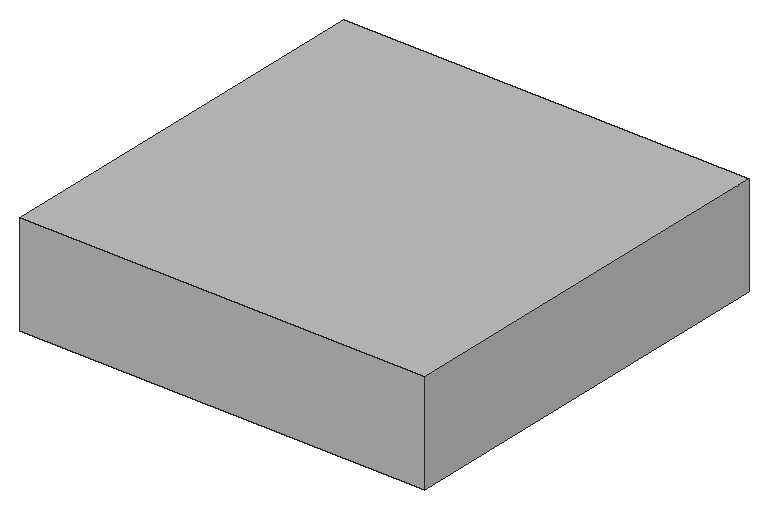
Revit family "FT112-Footing-Rectangular", category Structural Foundations, Revit 2022
Family settings
  Material for Model Behavior = Concrete
  Cap = No
  Work Plane-Based = No
  Always vertical = Yes
  Cut with Voids When Loaded = No
  Shared = No
Parameters (values of type "FT112_2000x2000x500")
  hec_material3 [instance] = none
  hec_material2 [instance] = A03AE056-00001_Bitumen/Bituminous/Asphalt Coating
  hec_material1 [instance] = A03AC035-00001_Form Work (3 times in use)_Flat
  Width = 2000 mm
  Structural Material [instance] = A03AC032-00007_Structural Concrete_Type1_25MPa-30Mpa
  Length = 2000 mm
  Foundation Thickness = 500 mm
  Description = "UG Shallow Foundation"
  Assembly Code = ""
Types (2, lengths in mm): name | Width | Length
  FT112_2000x2000x500 | 2000 | 2000
  FT112_2400x2400x500 | 2400 | 2400
Reference planes
  plane 1 "중심(앞/뒤)": y = 0
  plane 2: z = 0
  plane 3 "중심(왼쪽/오른쪽)": x = 0
  plane 4: x = -1000
  plane 5: x = 1000
  plane 6: y = 1000
  plane 7: y = -1000
Forms (mm)
  Extrusion 1, solid, material "A03AC032-00007_Structural Concrete_Type1_25MPa-30Mpa" <- "Structural Material"
    sketch origin (0, 0, 0) x (1, 0, 0) y (0, 1, 0)
      loop
        line (-1000, 1000) -> (-1000, -1000) -> (1000, -1000) -> (1000, 1000) -> (-1000, 1000)
    from -500 to 0
Dimensions and locks
  "Foundation Thickness": plane 2 to Extrusion 1
  "Width": plane 4 to plane 5
  "Length": plane 6 to plane 7
  equal spacing: plane 6, plane 1 "중심(앞/뒤)", plane 7
  equal spacing: plane 4, plane 3 "중심(왼쪽/오른쪽)", plane 5
  aligned and locked: plane 4 to Extrusion 1 sketch curve
  aligned and locked: Extrusion 1 sketch curve to plane 5
  aligned and locked: Extrusion 1 sketch curve to plane 6
  aligned and locked: plane 7 to Extrusion 1 sketch curve
  aligned and locked: level to Extrusion 1
